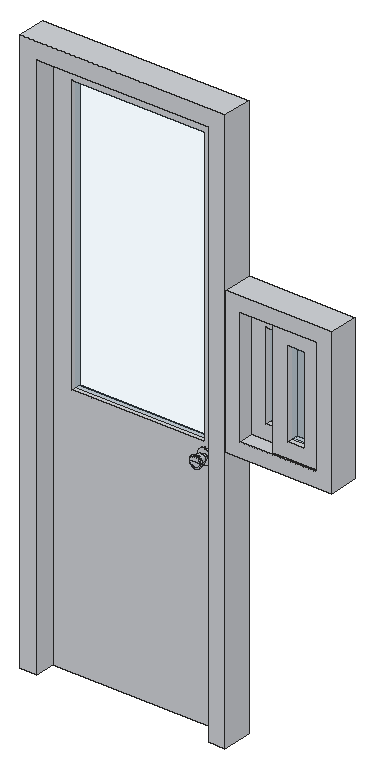
Revit family "D8_鋁門", category 門, Revit 2014
Parameters (values of type "90 x 210 cm")
  玻璃 = 玻璃
  熱阻 (R) = 0.270117 (m²·K)/W
  Visual Light Transmittance = 0
  Solar Heat Gain Coefficient = 0
  營造類型 Id = "MDOOR"
  關鍵註記 = "單開門-矩形"
  傳熱係數 (U) = 3.7021 W/(m²·K)
  功能 = 室內
  門扇材料 = none
  門扇寬度 = Width - 2 * 開門側框寬度  # 750 mm
  門扇厚度 = 40 mm
  Assembly Code = ""
  Rough Height = Height  # 2350 mm
  Rough Width = Width  # 850 mm
  框架深度 = 120 mm
  框擋板寬度 = 門扇厚度 / 2  # 20 mm
  框總寬度 [instance] = 開門側框寬度 + 框擋板寬度  # 70 mm
  Height = 2350 mm
  牆封閉 = 依主體
  框架材料 = none
  開門側框寬度 = 50 mm
  握把五金 = none
  Width = 850 mm
  操作 = "左單開門方向"
  解析營造 = "金屬"
Reference planes
  plane 1: y = -210
  plane 2 "中心 (左/右)": x = 0
  plane 3 "左": x = -425
  plane 4 "右": x = 425
  plane 5: z = 2350
  plane 6 "外部": y = -135
  plane 7 "內部": y = -285
  plane 8: y = 320
  plane 9: y = -740
  plane 10: z = 1050
Forms (mm)
  Sweep 1, solid, material <- "框架材料"
    path origin (-5000, -210, 0) x (-1, 0, 0) y (0, 0, 1)
      loop
        line (-5425, 0) -> (-5425, 2350) -> (-4575, 2350) -> (-4575, 0)
    profile origin (425, -210, 1175) x (1, 0, 0) y (0, 1, 0)
      loop
        line (0, 60) -> (-50, 60) -> (-50, 20) -> (-70, 20) -> (-70, -60) -> (0, -60) -> (0, 60)
  Extrusion 2, solid, material <- "門扇材料"
    sketch origin (-5000, -210, 0) x (1, 0, 0) y (0, 0, 1)
      loop
        line (4625, 2300) -> (4625, 0) -> (5375, 0) -> (5375, 2300) -> (4625, 2300)
      loop
        line (5275, 1050) -> (5275, 2200) -> (4725, 2200) -> (4725, 1050) -> (5275, 1050)
    from -60 to -20
  Extrusion 3, solid, material "玻璃" <- "玻璃"
    sketch origin (-5000, -210, 0) x (1, 0, 0) y (0, 0, 1)
      loop
        line (5275, 2200) -> (4725, 2200) -> (4725, 1050) -> (5275, 1050) -> (5275, 2200)
    from -55 to -35
Lines and regions (mm)
  Opening 1
    outline origin (-3050, -285, 0) x (1, 0, 0) y (0, 0, 1)
      loop
        line (2625, 0) -> (3475, 0) -> (3475, 2350) -> (2625, 2350) -> (2625, 0)
  symbolic lines, style "Doors"
    curve 1: line (-375, -150, 0) -> (-335, -150, 0)
    curve 2: line (-375, 600, 0) -> (-375, -150, 0)
    curve 3: line (-335, 600, 0) -> (-375, 600, 0)
    curve 4: line (-335, -150, 0) -> (-335, 600, 0)
  symbolic lines, style "平面圖打開方向"
    curve 5: arc (375, -150, 0) -> (169.289, 365.994, 0) -> (-335, 598.933, 0) r 750
  symbolic lines, style "DoorsFrameMullionProjection"
    curve 6: line (-375, -150, 0) -> (-425, -150, 0)
    curve 7: line (-375, -270, 0) -> (-375, -150, 0)
    curve 8: line (-425, -270, 0) -> (-375, -270, 0)
    curve 9: line (-425, -150, 0) -> (-425, -270, 0)
    curve 10: line (375, -150, 0) -> (425, -150, 0)
    curve 11: line (375, -270, 0) -> (375, -150, 0)
    curve 12: line (425, -270, 0) -> (375, -270, 0)
    curve 13: line (425, -150, 0) -> (425, -270, 0)
  symbolic lines, style "立面圖打開方向"
    curve 14: line (-425, -285, 1050) -> (425, -285, 0)
    curve 15: line (-425, -135, 1050) -> (425, -135, 2350)
  model lines
    curve 16: line (275, -190, 950) -> (-275, -190, 950)
    curve 17: line (275, -190, 100) -> (275, -190, 950)
    curve 18: line (-275, -190, 100) -> (275, -190, 100)
    curve 19: line (-275, -190, 950) -> (-275, -190, 100)
    curve 20: line (-217.778, -190, 950) -> (-217.778, -190, 100)
    curve 21: line (-160.556, -190, 950) -> (-160.556, -190, 100)
    curve 22: line (-103.333, -190, 950) -> (-103.333, -190, 100)
    curve 23: line (-46.111, -190, 950) -> (-46.111, -190, 100)
    curve 24: line (11.111, -190, 950) -> (11.111, -190, 100)
    curve 25: line (68.333, -190, 950) -> (68.333, -190, 100)
    curve 26: line (125.556, -190, 950) -> (125.556, -190, 100)
    curve 27: line (182.778, -190, 950) -> (182.778, -190, 100)
    curve 28: line (240, -190, 950) -> (240, -190, 100)
    curve 29: line (275, -150, 950) -> (-275, -150, 950)
    curve 30: line (275, -150, 100) -> (275, -150, 950)
    curve 31: line (-275, -150, 100) -> (275, -150, 100)
    curve 32: line (-275, -150, 950) -> (-275, -150, 100)
    curve 33: line (-240, -150, 950) -> (-240, -150, 100)
    curve 34: line (-180, -150, 950) -> (-180, -150, 100)
    curve 35: line (-120, -150, 950) -> (-120, -150, 100)
    curve 36: line (-60, -150, 950) -> (-60, -150, 100)
    curve 37: line (0, -150, 950) -> (0, -150, 100)
    curve 38: line (60, -150, 950) -> (60, -150, 100)
    curve 39: line (120, -150, 950) -> (120, -150, 100)
    curve 40: line (180, -150, 950) -> (180, -150, 100)
    curve 41: line (240, -150, 950) -> (240, -150, 100)
Text (mm)
  text "外部" at (-2295.016, 1099.543, 0), in view "參考樓層"
  text "外部" at (0, 1615.38, 3698.081), in view "左"
  text "外部" at (0, 1036.032, 3874.932), in view "右"
Dimensions and locks
  equal spacing: plane 3 "左", plane 2 "中心 (左/右)", plane 4 "右"
  "Width": plane 3 "左" to plane 4 "右"
  "Height": plane 5 to host wall
  host wall to plane 5 = 2350 mm  (x2)
  locked: plane 6 "外部" to host wall at 0
  locked: plane 7 "內部" to host wall
  equal spacing: Sweep 1 sketch curve, host wall, Sweep 1 sketch curve
  "框架深度": Sweep 1 sketch curve to Sweep 1 sketch curve
  "門扇厚度": Sweep 1 sketch curve to Sweep 1 sketch curve
  "開門側框寬度": Sweep 1 sketch curve to Sweep 1 sketch curve
  "框擋板寬度": Sweep 1 sketch curve to Sweep 1 sketch curve
  "Width": Sweep 1 sketch curve to Sweep 1 sketch curve
  "門扇厚度": curve 2 to curve 4
  "門扇寬度": curve 3 to curve 1
  "開門側框寬度": curve 11 to Sweep 1
  "開門側框寬度": curve 9 to curve 7
  equal spacing: Sweep 1, host wall, Sweep 1  (x2)
  "框架深度": Sweep 1 to Sweep 1  (x2)
  equal spacing: curve 6, plane 1, curve 8
  "框架深度": curve 6 to curve 8
  equal spacing: curve 12, plane 1, curve 10
  "框架深度": curve 12 to curve 10
  locked: nested 2 to Sweep 1 at 75
  locked: nested 1 to Sweep 1 at 75
  equal spacing: plane 8, plane 1, plane 9
  plane 8 to plane 9 = 1060 mm
  "門扇厚度": Extrusion 2 to Extrusion 2
  equal spacing: group 2, group 3, group 4, group 5, group 6, group 7, group 8, group 9, group 10, group 11  (x3)
  "門扇寬度": radius of curve 5
  aligned and locked: plane 3 "左" to Opening 1 sketch curve
  aligned and locked: plane 5 to Opening 1 sketch curve  (x2)
  aligned and locked: Opening 1 sketch curve to plane 4 "右"
  aligned and locked: Opening 1 sketch curve to level
  aligned and locked: plane 1 to host wall
  aligned and locked: Sweep 1 to Extrusion 2 sketch curve
  aligned and locked: Extrusion 2 sketch curve to Sweep 1  (x2)
  aligned and locked: level to Extrusion 2 sketch curve
  aligned and locked: Extrusion 2 to Sweep 1
  aligned and locked: nested 1 to Extrusion 2
  aligned and locked: Extrusion 2 to nested 2
  aligned and locked: plane 4 "右" to curve 15
  aligned and locked: plane 5 to curve 15
  aligned and locked: level to curve 14
  aligned and locked: plane 4 "右" to curve 14
  aligned and locked: plane 10 to curve 15
  aligned and locked: plane 3 "左" to curve 15
  aligned and locked: curve 14 to curve 15
  aligned and locked: plane 10 to Extrusion 2
  aligned and locked: Extrusion 2 to curve 32
  aligned and locked: Extrusion 2 to curve 19
  aligned and locked: nested 5 to Sweep 1
Automatic sketch dimensions
  curve 14 to plane 10 = 0 mm
  plane 4 "右" to Sweep 1 sketch curve = 0 mm
  Sweep 1 sketch curve to plane 5 = 0 mm
  Sweep 1 sketch curve to level = 0 mm  (x2)
  Sweep 1 sketch curve to profile plane = 0 mm
  curve 9 to plane 3 "左" = 0 mm
  curve 13 to plane 4 "右" = 0 mm
  Extrusion 2 sketch curve to plane 10 = 0 mm
  Extrusion 2 sketch curve to plane 3 "左" = 150 mm
  plane 5 to Extrusion 2 sketch curve = 150 mm
  Extrusion 2 sketch curve to Extrusion 2 sketch curve = 100 mm
  Extrusion 3 sketch curve to plane 10 = 0 mm
  Extrusion 3 sketch curve to plane 3 "左" = 150 mm
  plane 5 to Extrusion 3 sketch curve = 150 mm
  plane 4 "右" to Extrusion 3 sketch curve = 150 mm
  Extrusion 2 to curve 18 = 0 mm  (x2)
  curve 18 to Extrusion 2 = 100 mm
  Extrusion 2 to curve 16 = 0 mm
  curve 17 to Extrusion 2 = 100 mm
  plane 4 "右" to curve 31 = 150 mm
  curve 30 to plane 10 = 100 mm
  curve 31 to plane 3 "左" = 150 mm
  curve 29 to plane 3 "左" = 150 mm
  level to curve 30 = 100 mm
Nested families
  nested 1: "喇叭鎖" at (355, -190, 0) x (-1, 0, 0) z (0, 0, 1), type "喇叭鎖"
  nested 2: "喇叭鎖" at (355, -150, 0) x (-1, 0, 0) z (0, 0, 1), type "喇叭鎖"
  nested 3: "喇叭鎖" at (365, 60, 1000), type "喇叭鎖", not visible
  nested 4: "喇叭鎖" at (365, 20, 1000), type "喇叭鎖", not visible
  nested 5: "雙開窗- (1)" at (645, -390, 0) x (-1, 0, 0) z (0, 0, 1), type "44 x 60 cm"
    with Height 600 mm, 預設窗台高度 1100 mm, Rough Height 600 mm, Rough Width 440 mm, Width 440 mm
Definition of nested family "喇叭鎖"
  Parameters (values of type "喇叭鎖")
    Assembly Code = ""
    握把高度 = 1000 mm
    握把與版面側邊距離 = 75 mm
    握把五金 = none
  Reference planes
    plane 1 "中心 (前/後)": y = 0
    plane 2: z = 0
    plane 3 "中心 (左/右)": x = 0
    plane 4: x = 75
  Forms (mm)
    Revolve 1, solid, material <- "握把五金"
      sketch origin (511.236, -60, 1000) x (1, 0, 0) y (0, 1, 0)
        loop
          line (-436.236, 60) -> (-406.236, 60) -> (-406.236, 66) -> (-426.236, 66) -> (-426.236, 85) -> (-417.636, 85) -> (-411.236, 109.7) -> (-411.236, 113.2) -> (-415.736, 115) -> (-436.236, 115) -> (-436.236, 60)
        axis (-436.236, 60) -> (-436.236, 115)
      angle from 0 to 360
  Dimensions and locks
    "握把與版面側邊距離": plane 3 "中心 (左/右)" to plane 4
    "握把高度": Revolve 1 to level
  Automatic sketch dimensions
    plane 3 "中心 (左/右)" to Revolve 1 sketch curve = 75 mm  (x2)
    Revolve 1 sketch curve to plane 1 "中心 (前/後)" = 0 mm
    plane 3 "中心 (左/右)" to Revolve 1 sketch curve = 85 mm
    Revolve 1 sketch curve to Revolve 1 sketch curve = 8.6 mm
    plane 3 "中心 (左/右)" to Revolve 1 sketch curve = 95.5 mm
    Revolve 1 sketch curve to Revolve 1 sketch curve = 4.5 mm
    Revolve 1 sketch curve to Revolve 1 sketch curve = 20 mm
    plane 1 "中心 (前/後)" to Revolve 1 sketch curve = 60 mm
    Revolve 1 sketch curve to Revolve 1 sketch curve = 6 mm
    Revolve 1 sketch curve to Revolve 1 sketch curve = 19 mm
    Revolve 1 sketch curve to Revolve 1 sketch curve = 24.7 mm
    Revolve 1 sketch curve to Revolve 1 sketch curve = 3.5 mm
    Revolve 1 sketch curve to Revolve 1 sketch curve = 1.8 mm
    Revolve 1 sketch curve to Revolve 1 sketch curve = 200 mm
Definition of nested family "雙開窗- (1)"
  Parameters (values of type "100 x 150 cm")
    Visual Light Transmittance = 0.9
    Solar Heat Gain Coefficient = 0.78
    Construction Type Id = ""
    Height = 1500 mm
    Heat Transfer Coefficient (U) = 3.6886 W/(m²·K)
    預設窗台高度 = 900 mm
    Keynote = "雙開窗"
    Rough Height = Height  # 1500 mm
    Rough Width = Width  # 1000 mm
    裝飾外框寬度 = 60 mm
    玻璃材質 = none
    Wall Closure = (empty or 0)
    裝飾外框材料 = none
    裝飾外框厚度 = 120 mm
    Width = 1000 mm
    Operation = "垂直雙重面板"
    內部框架材料 = none
    內框寬度 = 60 mm
    內框厚度 = 50 mm
    Analytic Construction = (empty or 0)
  Reference planes
    plane 1: y = -180
    plane 2 "中心 (左/右)": x = 0
    plane 3 "左": x = -500
    plane 4 "右": x = 500
    plane 5 "窗台": z = 900
    plane 6 "窗頂": z = 2400
    plane 7 "外部": y = -105
    plane 8 "內部": y = -255
    plane 9: x = -30
    plane 10: x = 30
    plane 11: y = -120
    plane 12: y = -240
    plane 13: x = -440
    plane 14: x = 440
    plane 15: z = 2340
    plane 16: z = 960
  Forms (mm)
    Extrusion 1, solid, material <- "裝飾外框材料"
      sketch origin (0, -180, 0) x (1, 0, 0) y (0, 0, 1)
        loop
          line (-500, 2400) -> (-500, 900) -> (500, 900) -> (500, 2400) -> (-500, 2400)
        loop
          line (-440, 2340) -> (-440, 960) -> (440, 960) -> (440, 2340) -> (-440, 2340)
      from 60 to -60
  Lines and regions (mm)
    Opening 1
      outline origin (3442.648, -255, 0) x (1, 0, 0) y (0, 0, 1)
        loop
          line (-2942.648, 900) -> (-2942.648, 2400) -> (-3942.648, 2400) -> (-3942.648, 900) -> (-2942.648, 900)
  Text (mm)
    text "外部" at (-1963.203, 1332.353, 0), in view "參考樓層"
    text "內部" at (-1981.466, -818.386, 0), in view "參考樓層"
    text "外部" at (0, 923.751, 2943.296), in view "右"
    text "外部" at (0, 1040.484, 2685.409), in view "左"
  Dimensions and locks
    equal spacing: plane 3 "左", plane 2 "中心 (左/右)", plane 4 "右"
    "Width": plane 3 "左" to plane 4 "右"
    "Height": plane 5 "窗台" to plane 6 "窗頂"
    "預設窗台高度": plane 5 "窗台" to level
    locked: plane 7 "外部" to host wall at 0
    locked: plane 8 "內部" to host wall
    equal spacing: plane 9, plane 2 "中心 (左/右)", plane 10
    "內框寬度": plane 9 to plane 10
    equal spacing: plane 11, plane 1, plane 12
    "裝飾外框厚度": plane 11 to plane 12
    "裝飾外框寬度": plane 6 "窗頂" to plane 15
    "裝飾外框寬度": plane 16 to plane 5 "窗台"
    "裝飾外框寬度": plane 3 "左" to plane 13
    "裝飾外框寬度": plane 14 to plane 4 "右"
    aligned and locked: plane 1 to nested 1
    aligned and locked: plane 1 to nested 2
    aligned and locked: nested 1 to plane 10
    aligned and locked: nested 2 to plane 9
    aligned and locked: plane 1 to host wall
    aligned and locked: host wall to Extrusion 1 sketch curve
    aligned and locked: Extrusion 1 sketch curve to host wall  (x3)
    aligned and locked: Opening 1 sketch curve to plane 6 "窗頂"
    aligned and locked: Opening 1 sketch curve to plane 4 "右"
    aligned and locked: Opening 1 sketch curve to plane 5 "窗台"
    aligned and locked: Opening 1 sketch curve to plane 3 "左"
    aligned and locked: Extrusion 1 sketch curve to plane 15
    aligned and locked: plane 13 to Extrusion 1 sketch curve
    aligned and locked: Extrusion 1 sketch curve to plane 14
    aligned and locked: plane 16 to Extrusion 1 sketch curve
    aligned and locked: plane 15 to nested 2
    aligned and locked: plane 16 to nested 2
    aligned and locked: nested 1 to plane 15
    aligned and locked: nested 1 to plane 16
    aligned and locked: nested 1 to plane 13
    aligned and locked: plane 14 to nested 2
    aligned and locked: plane 11 to Extrusion 1
    aligned and locked: Extrusion 1 to plane 12
  Nested families
    nested 1: "窗框" at (-504.928, -1099.367, -40), type "窗框"
      with Height 1380 mm, Width 535 mm
    nested 2: "窗框" at (-29.928, 739.367, -40), type "窗框"
      with Height 1380 mm, Width 535 mm
  Definition of nested family "窗框"
    Parameters (values of type "窗框")
      Height [instance] = 500 mm
      護桿寬度 = 20 mm
      護桿厚度 = 10 mm
      Rough Height = 500 mm
      Rough Width = 600 mm
      Width [instance] = 600 mm
      裝飾外框材料 = none
      玻璃材質 = none
      玻璃厚度 = 10 mm
      裝飾外框寬度 = 60 mm
      裝飾外框厚度 = 50 mm
      Assembly Code = ""
    Reference planes
      plane 1 "中心 (前/後)": y = -919.367
      plane 2: z = 0
      plane 3 "中心 (左/右)": x = 267.428
      plane 4 "玻璃-上": y = -939.367
      plane 5 "玻璃-下": y = -949.367
      plane 6: y = -969.367
      plane 7: x = -32.572
      plane 8: x = 567.428
      plane 9: x = 27.428
      plane 10: x = 507.428
      plane 11: z = 1440
      plane 12: z = 1500
      plane 13: z = 1060
      plane 14: z = 1000
      plane 15: y = -944.367
    Forms (mm)
      Extrusion 1, solid, material <- "玻璃材質"
        sketch origin (-1499.274, -944.367, 1200) x (-1, 0, 0) y (0, 0, 1)
          loop
            line (-1526.702, 240) -> (-2006.702, 240) -> (-2006.702, -140) -> (-1526.702, -140) -> (-1526.702, 240)
        from -5 to 5
      Extrusion 2, solid, material <- "裝飾外框材料"
        sketch origin (-1499.274, -944.367, 1200) x (-1, 0, 0) y (0, 0, 1)
          loop
            line (-1466.702, 300) -> (-2066.702, 300) -> (-2066.702, -200) -> (-1466.702, -200) -> (-1466.702, 300)
          loop
            line (-1526.702, 240) -> (-2006.702, 240) -> (-2006.702, -140) -> (-1526.702, -140) -> (-1526.702, 240)
        from -25 to 25
    Dimensions and locks
      equal spacing: plane 10, plane 3 "中心 (左/右)", plane 9
      "裝飾外框寬度": plane 8 to plane 10
      "裝飾外框寬度": plane 9 to plane 7
      "裝飾外框寬度": plane 12 to plane 11
      "Width": plane 8 to plane 7
      "裝飾外框寬度": plane 13 to plane 14
      "Height": plane 12 to plane 14
      plane 14 to level = 1000 mm
      equal spacing: plane 4 "玻璃-上", plane 15, plane 5 "玻璃-下"
      "玻璃厚度": plane 4 "玻璃-上" to plane 5 "玻璃-下"
      equal spacing: plane 6, plane 15, plane 1 "中心 (前/後)"
      "裝飾外框厚度": plane 6 to plane 1 "中心 (前/後)"
      aligned and locked: Extrusion 1 sketch curve to plane 11
      aligned and locked: plane 9 to Extrusion 1 sketch curve
      aligned and locked: Extrusion 1 sketch curve to plane 10
      aligned and locked: plane 13 to Extrusion 1 sketch curve
      aligned and locked: plane 7 to Extrusion 2 sketch curve
      aligned and locked: Extrusion 2 sketch curve to plane 12
      aligned and locked: Extrusion 2 sketch curve to plane 8
      aligned and locked: plane 9 to Extrusion 2 sketch curve
      aligned and locked: plane 13 to Extrusion 2 sketch curve
      aligned and locked: Extrusion 2 sketch curve to plane 10
      aligned and locked: Extrusion 2 sketch curve to plane 11
      aligned and locked: Extrusion 2 sketch curve to plane 14
      aligned and locked: plane 2 to level
      aligned and locked: plane 6 to Extrusion 2
      aligned and locked: plane 1 "中心 (前/後)" to Extrusion 2
      aligned and locked: plane 5 "玻璃-下" to Extrusion 1
      aligned and locked: plane 4 "玻璃-上" to Extrusion 1
